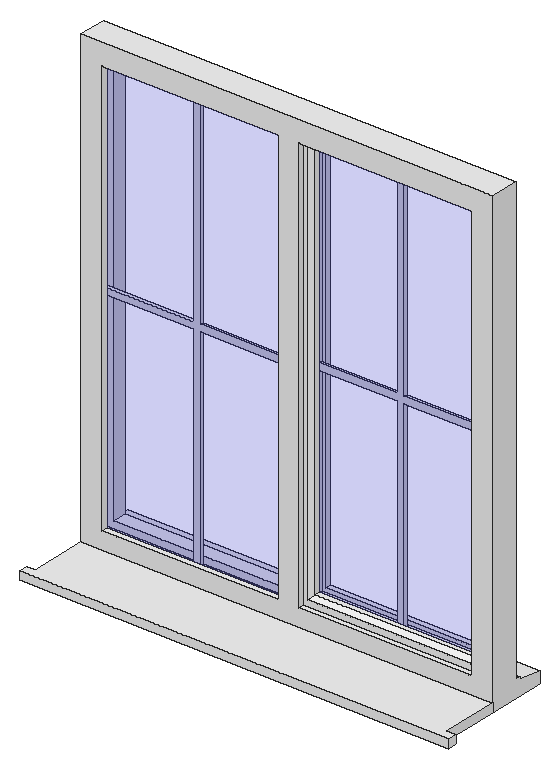
Revit family
Parameters
  Wrap Layers (Ext) from Ext = 102.5 mm
  Wrap Layers (Int) from Ext = 177.5 mm
  Window Board Projection = 25.0 mm
  Window Board Extension = 25.0 mm
  Vis - Glazing Bars = yes
  Vis - Cavity Closers = yes
  Rough Width = Width  # 1200.0 mm
  Rough Height = Height  # 1350.0 mm
  Operation = "DoublePanelVertical"
  Material Trim = Window Frame
  Material Glazing Bars = Window Frame
  Material Glass = Glass
  Material Frame = Window Frame
  Manufacturer = "Revit"
  Keynote = "L10"
  Height = 1350.0 mm
  Wall Closure = (empty or 0)
  Width = 1200.0 mm
  Glazing Thickness = 24.0 mm
  Glazing Bar Thickness = 20.0 mm
  FrameOffset - External = 50.0 mm
  Frame Depth = 65.0 mm
  Default Head Height = 2110.0 mm
  Cill Depth = 87.5 mm
  Cavity Closer Width = 50.0 mm
  Cavity Closer Offset from Ext = 102.5 mm
  Cavity Closer Depth = 75.0 mm
Reference planes
  plane 1: y = 0
  plane 2 "Center (Left/Right)": x = -285
  plane 3 "Left": x = -885
  plane 4 "Right": x = 315
  plane 5 "Cill": z = 760
  plane 6 "Head": z = 2110
  plane 7 "Exterior": y = 158.457
  plane 8 "Interior": y = -141.543
  plane 9 "Back of Window": y = 43.457
  plane 10 "Wall Closure": y = 55.957
  plane 11 "Front Window Board": y = -166.543
  plane 12 "RHS Window Board": x = 340
  plane 13 "LHS Window Board": x = -910
  plane 14 "Ext Leaf Back": y = 55.957
  plane 15 "Face Window": y = 108.457
  plane 16: x = -285
  plane 17: x = -567.5
  plane 18: x = 2.5
  plane 19: z = 1446.5
  plane 20: x = -310
  plane 21: x = -825
  plane 22: x = -240
  plane 23: x = 245
  plane 24 "Front Glass": y = 96.457
  plane 25: y = -19.043
  plane 26: z = 2070
  plane 27: z = 823
Forms (mm)
  Extrusion 1, solid, material "Window Frame" <- "Material Trim", detail levels medium+fine
    sketch origin (0, 0, 760) x (0, -1, 0) y (-1, 0, 0)
      loop
        line (141.543, 910) -> (141.543, 885) -> (-25.457, 885) -> (-25.457, -315) -> (141.543, -315) -> (141.543, -340) -> (166.543, -340) -> (166.543, 910) -> (141.543, 910)
    from 0 to -25
  Extrusion 2, solid, material "Window Frame" <- "Material Frame"
    sketch origin (-285, 0, 0) x (0, 1, 0) y (0, 0, 1)
      loop
        line (25.457, 760) -> (195.957, 760) -> (195.957, 793.809) -> (123.457, 804.745) -> (123.457, 809.688) -> (108.457, 811) -> (108.457, 823) -> (43.457, 823) -> (43.457, 835) -> (25.457, 835) -> (25.457, 760)
    from 600 to -600
  Sweep 3, solid, material "Window Frame" <- "Material Frame"
    path origin (0, 43.457, 0) x (1, 0, 0) y (0, 0, 1)
      loop
        line (-885, 823) -> (-885, 2110) -> (315, 2110) -> (315, 823)
    profile origin (0, 0, 1466.5) x (-1, 0, 0) y (0, -1, 0)
      loop
        line (885, -25.457) -> (825, -25.457) -> (825, -43.457) -> (845, -43.457) -> (845, -108.457) -> (885, -108.457) -> (885, -25.457)
  Sweep 4, solid, material "Window Frame" <- "Material Frame"
    path origin (0, 108.457, 0) x (1, 0, 0) y (0, 0, 1)
      loop
        line (275, 2070) -> (-270, 2070) -> (-270, 823) -> (275, 823) -> (275, 2070)
    profile "Casement : Casement" origin (-270, 108.457, 1446.5) x (1, 0, 0) y (0, -1, 0)
      loop
        line (-10, 0) -> (-10, -5.774) -> (0.785, -11.547) -> (22.554, -11.547) -> (40, -5.774) -> (40, 12) -> (30, 12) -> (30, 36) -> (40, 36) -> (40, 50.507) -> (29.852, 65) -> (0, 65) -> (0, 0) -> (-10, 0)
  Extrusion 5, solid, material "Window Frame" <- "Material Frame"
    sketch origin (0, 0, 760) x (0, -1, 0) y (-1, 0, 0)
      loop
        line (-25.457, 310) -> (-43.457, 310) -> (-43.457, 300) -> (-67.457, 300) -> (-67.457, 310) -> (-108.457, 310) -> (-108.457, 270) -> (-43.457, 270) -> (-43.457, 252) -> (-25.457, 252) -> (-25.457, 310)
    from -63 to -1310
  Sweep 6, solid, material "Window Frame" <- "Material Frame"
    path origin (-300, 67.457, 823) x (0, 0, 1) y (-1, 0, 0)
      loop
        line (1247, 10) -> (1247, 545) -> (0, 545) -> (0, 10)
    profile origin (0, 0, 1446.5) x (0, -1, 0) y (1, 0, 0)
      loop
        line (-67.457, -845) -> (-67.457, -825) -> (-108.457, -825) -> (-108.457, -845) -> (-67.457, -845)
  Extrusion 7, solid, material "Window Frame" <- "Material Glazing Bars", visible <- "Vis - Glazing Bars"
    sketch origin (-310, 67.457, 2070) x (-1, 0, 0) y (0, 0, -1)
      loop
        line (247.5, 1247) -> (247.5, 633.5) -> (-10, 633.5) -> (-10, 613.5) -> (247.5, 613.5) -> (247.5, 0) -> (267.5, 0) -> (267.5, 613.5) -> (535, 613.5) -> (535, 633.5) -> (267.5, 633.5) -> (267.5, 1247) -> (247.5, 1247)
    from 8 to 16
  Extrusion 8, solid, material "Window Frame" <- "Material Glazing Bars", visible <- "Vis - Glazing Bars"
    sketch origin (245, 96.457, 2040) x (-1, 0, 0) y (0, 0, -1)
      loop
        line (232.5, 1187) -> (232.5, 603.5) -> (0, 603.5) -> (0, 583.5) -> (232.5, 583.5) -> (232.5, 0) -> (252.5, 0) -> (252.5, 583.5) -> (485, 583.5) -> (485, 603.5) -> (252.5, 603.5) -> (252.5, 1187) -> (232.5, 1187)
    from 8 to 16
  Extrusion 9, solid, material "Glass" <- "Material Glass"
    sketch origin (-845, 43.457, 823) x (0, 0, 1) y (1, 0, 0)
      loop
        line (1247, 545) -> (0, 545) -> (0, 0) -> (1247, 0) -> (1247, 545)
    from 0 to 24 <- "Glazing Thickness"
  Extrusion 10, solid, material "Glass" <- "Material Glass"
    sketch origin (0, 96.457, 0) x (1, 0, 0) y (0, 0, 1)
      loop
        line (245.148, 2040.148) -> (-240, 2040.148) -> (-240, 853) -> (245.148, 853) -> (245.148, 2040.148)
    from 0 to 24 <- "Glazing Thickness"
Cuts and joins
  joined: Extrusion 2, Sweep 3, Extrusion 5
Lines and regions (mm)
  Opening 1
    outline origin (-5000, -141.543, 0) x (1, 0, 0) y (0, 0, 1)
      loop
        line (5315, 2110) -> (4115, 2110) -> (4115, 760) -> (5315, 760) -> (5315, 2110)
  Masking region 1
    outline origin (0, 0, 760) x (0, -1, 0) y (1, 0, 0)
      loop
        line (-25.457, -885) -> (-25.457, 315) -> (-195.957, 315) -> (-195.957, -885) -> (-25.457, -885)
  symbolic lines, style "WindowsFrameMullionProjection"
    curve 1: line (-885, 25.457, 0) -> (315, 25.457, 0)
    curve 3: line (315, 108.457, 0) -> (-885, 108.457, 0)
    curve 5: line (-825, 25.457, 0) -> (-825, 108.457, 0)
    curve 6: line (255, 25.457, 0) -> (255, 108.457, 0)
    curve 7: line (-825, 66.957, 0) -> (-310, 66.957, 0)
    curve 22: line (-260, 66.957, 0) -> (255, 66.957, 0)
    curve 23: line (-260, 25.457, 0) -> (-260, 108.457, 0)
    curve 24: line (-310, 25.457, 0) -> (-310, 108.457, 0)
  symbolic lines, style "Elevation Swing"
    curve 2: line (-885, 108.457, 0) -> (-885, 25.457, 0)
    curve 4: line (315, 25.457, 0) -> (315, 108.457, 0)
    curve 20: line (-230, 0, 2030) -> (235, 0, 1446.5)
    curve 21: line (-230, 0, 863) -> (235, 0, 1446.5)
  symbolic lines, style "Cavity Closer", visible <- "Vis - Cavity Closers", detail levels medium+fine
    curve 8: line (-885, 55.957, 0) -> (-935, 55.957, 0)
    curve 9: line (-885, -19.043, 0) -> (-885, 55.957, 0)
    curve 10: line (-935, -19.043, 0) -> (-885, -19.043, 0)
    curve 11: line (-935, 55.957, 0) -> (-935, -19.043, 0)
    curve 12: line (-885, -19.043, 0) -> (-935, 55.957, 0)
    curve 13: line (-935, -19.043, 0) -> (-885, 55.957, 0)
    curve 14: line (315, 55.957, 0) -> (365, 55.957, 0)
    curve 15: line (315, -19.043, 0) -> (315, 55.957, 0)
    curve 16: line (365, -19.043, 0) -> (315, -19.043, 0)
    curve 17: line (365, 55.957, 0) -> (365, -19.043, 0)
    curve 18: line (315, -19.043, 0) -> (365, 55.957, 0)
    curve 19: line (365, -19.043, 0) -> (315, 55.957, 0)
  symbolic lines, style "Glazing Bars", visible <- "Vis - Glazing Bars", detail levels coarse
    curve 25: line (2.5, 0, 863) -> (2.5, 0, 2030)
    curve 26: line (-230, 0, 1446.5) -> (235, 0, 1446.5)
    curve 27: line (-310, 0, 1446.5) -> (-825, 0, 1446.5)
    curve 28: line (-567.5, 0, 843) -> (-567.5, 0, 2050)
  symbolic lines, style "Glazing Bars", visible <- "Vis - Glazing Bars", detail levels medium+fine
    curve 29: line (12.5, 0, 1456.5) -> (235, 0, 1456.5)
    curve 30: line (12.5, 0, 2030) -> (12.5, 0, 1456.5)
    curve 31: line (-7.5, 0, 1456.5) -> (-7.5, 0, 2030)
    curve 32: line (-230, 0, 1456.5) -> (-7.5, 0, 1456.5)
    curve 33: line (235, 0, 1436.5) -> (12.5, 0, 1436.5)
    curve 34: line (-7.5, 0, 1436.5) -> (-230, 0, 1436.5)
    curve 35: line (12.5, 0, 1436.5) -> (12.5, 0, 863)
    curve 36: line (-7.5, 0, 863) -> (-7.5, 0, 1436.5)
    curve 37: line (-557.5, 0, 1456.5) -> (-310, 0, 1456.5)
    curve 38: line (-310, 0, 1436.5) -> (-557.5, 0, 1436.5)
    curve 39: line (-825, 0, 1456.5) -> (-577.5, 0, 1456.5)
    curve 40: line (-577.5, 0, 1436.5) -> (-825, 0, 1436.5)
    curve 41: line (-557.5, 0, 2050) -> (-557.5, 0, 1456.5)
    curve 42: line (-577.5, 0, 1456.5) -> (-577.5, 0, 2050)
    curve 43: line (-557.5, 0, 1436.5) -> (-557.5, 0, 843)
    curve 44: line (-577.5, 0, 843) -> (-577.5, 0, 1436.5)
  symbolic lines, style "WindowsSillHeadProjection"
    curve 45: line (-885, 195.957, 0) -> (-885, 159.707, 0)
    curve 46: line (315, 195.957, 0) -> (-885, 195.957, 0)
    curve 47: line (315, 159.707, 0) -> (315, 195.957, 0)
Text (mm)
  text "EXTERIOR" at (-1415.209, 454.062, 0), in view "Ref. Level"
  text "INTERIOR" at (-1415.209, -367.981, 0), in view "Ref. Level"
  text "Exterior" at (0, 923.751, 2943.296), in view "Right"
  text "Exterior" at (0, 1040.484, 2685.409), in view "Left"
Dimensions and locks
  equal spacing: plane 3 "Left", plane 2 "Center (Left/Right)", plane 4 "Right"
  "Width": plane 3 "Left" to plane 4 "Right"
  "Height": plane 5 "Cill" to plane 6 "Head"
  "Default Head Height": plane 6 "Head" to level
  locked: plane 7 "Exterior" to host wall at 0
  locked: plane 8 "Interior" to host wall
  "Window Board Projection": plane 11 "Front Window Board" to plane 8 "Interior"
  "Window Board Extension": plane 13 "LHS Window Board" to plane 3 "Left"
  "Window Board Extension": plane 4 "Right" to plane 12 "RHS Window Board"
  "Cavity Closer Offset from Ext": plane 14 "Ext Leaf Back" to plane 7 "Exterior"
  "Frame Depth": plane 9 "Back of Window" to plane 15 "Face Window"
  "FrameOffset - External": plane 15 "Face Window" to plane 7 "Exterior"
  locked: Extrusion 2 sketch curve to Extrusion 2 sketch curve at 18
  Extrusion 2 sketch curve to Extrusion 2 sketch curve = 12.0 mm
  plane 15 "Face Window" to Extrusion 2 sketch curve = 15.0 mm
  equal spacing: curve 3, curve 7, curve 1
  "Cavity Closer Depth": curve 8 to curve 10
  "Cavity Closer Width": curve 11 to plane 3 "Left"
  "Cavity Closer Depth": curve 14 to curve 16
  "Cavity Closer Width": plane 4 "Right" to curve 17
  equal spacing: Extrusion 5 sketch curve, plane 16, Extrusion 5 sketch curve
  Extrusion 5 sketch curve to Extrusion 5 sketch curve = 10.0 mm
  Extrusion 5 sketch curve to Extrusion 5 sketch curve = 18.0 mm  (x2)
  "Glazing Thickness": Extrusion 5 sketch curve to Extrusion 5 sketch curve
  equal spacing: Sweep 4, curve 21, Sweep 4
  "Glazing Bar Thickness": Extrusion 8 sketch curve to Extrusion 8 sketch curve  (x2)
  equal spacing: Extrusion 8 sketch curve, plane 18, Extrusion 8 sketch curve
  equal spacing: Extrusion 7 sketch curve, plane 19, Extrusion 7 sketch curve
  "Glazing Bar Thickness": Extrusion 7 sketch curve to Extrusion 7 sketch curve  (x2)
  equal spacing: Extrusion 7 sketch curve, plane 17, Extrusion 7 sketch curve
  locked: plane 3 "Left" to plane 21 at 60
  locked: plane 20 to plane 2 "Center (Left/Right)" at 25
  equal spacing: plane 21, plane 17, plane 20
  locked: plane 2 "Center (Left/Right)" to plane 22 at 45
  locked: plane 23 to plane 4 "Right" at 70
  equal spacing: plane 22, plane 18, plane 23
  equal spacing: Sweep 4, Extrusion 8, Extrusion 8, Sweep 4
  equal spacing: Sweep 6, Extrusion 7, Extrusion 7, cut or joined group of Extrusion 2, Sweep 3, Extrusion 5
  "Glazing Thickness": Sweep 6 sketch curve to cut or joined group of Extrusion 2, Sweep 3, Extrusion 5
  "Wrap Layers (Ext) from Ext": plane 10 "Wall Closure" to plane 7 "Exterior"
  "Wrap Layers (Int) from Ext": plane 25 to plane 7 "Exterior"
  locked: plane 5 "Cill" to Extrusion 2 sketch curve at 63
  locked: plane 3 "Left" to Sweep 3 sketch curve at 40
  locked: Sweep 3 sketch curve to Sweep 3 sketch curve at 20
  locked: plane 5 "Cill" to plane 27 at 63
  locked: plane 26 to plane 6 "Head" at 40
  equal spacing: plane 27, plane 19, plane 26
  equal spacing: Extrusion 8 sketch curve, plane 19, Extrusion 8 sketch curve
  aligned and locked: plane 3 "Left" to Extrusion 1 sketch curve
  aligned and locked: Extrusion 1 sketch curve to plane 8 "Interior"  (x2)
  aligned and locked: Extrusion 1 sketch curve to plane 12 "RHS Window Board"
  aligned and locked: Extrusion 1 to plane 11 "Front Window Board"
  aligned and locked: plane 13 "LHS Window Board" to Extrusion 1 sketch curve
  aligned and locked: plane 9 "Back of Window" to Extrusion 2 sketch curve
  aligned and locked: plane 15 "Face Window" to Extrusion 2 sketch curve
  aligned and locked: Extrusion 2 sketch curve to plane 5 "Cill"
  aligned and locked: plane 3 "Left" to Extrusion 2
  aligned and locked: Extrusion 2 to plane 4 "Right"
  aligned and locked: plane 15 "Face Window" to Sweep 3 sketch curve
  aligned and locked: Extrusion 1 to Extrusion 2
  aligned and locked: Sweep 3 to curve 5
  aligned and locked: curve 6 to Sweep 3
  aligned and locked: plane 3 "Left" to nested 1
  aligned and locked: curve 9 to plane 3 "Left"
  aligned and locked: plane 4 "Right" to nested 2
  aligned and locked: curve 15 to plane 4 "Right"
  aligned and locked: Extrusion 5 sketch curve to Extrusion 5 sketch curve  (x2)
  aligned and locked: Extrusion 5 sketch curve to plane 15 "Face Window"
  aligned and locked: plane 9 "Back of Window" to Extrusion 5 sketch curve
  aligned and locked: Extrusion 5 to Extrusion 2
  aligned and locked: plane 16 to plane 2 "Center (Left/Right)"
  aligned and locked: Extrusion 5 to Sweep 4 sketch curve
  aligned and locked: Sweep 3 to Sweep 6 sketch curve
  aligned and locked: Extrusion 2 to Sweep 6 sketch curve
  aligned and locked: curve 1 to Extrusion 2
  aligned and locked: Sweep 3 to curve 3
  aligned and locked: curve 7 to curve 22
  aligned and locked: Extrusion 7 sketch curve to Extrusion 7 sketch curve  (x4)
  aligned and locked: Extrusion 8 sketch curve to Extrusion 8 sketch curve  (x4)
  aligned and locked: Extrusion 8 to Sweep 4  (x4)
  aligned and locked: curve 25 to plane 18
  aligned and locked: plane 19 to curve 27
  aligned and locked: curve 28 to plane 17
  aligned and locked: Extrusion 8 to curve 30
  aligned and locked: curve 31 to Extrusion 8
  aligned and locked: Extrusion 8 to curve 35
  aligned and locked: Extrusion 8 to curve 36
  aligned and locked: curve 37 to Extrusion 7
  aligned and locked: Extrusion 7 to curve 38
  aligned and locked: Extrusion 7 to curve 39
  aligned and locked: curve 40 to Extrusion 7
  aligned and locked: Extrusion 7 to curve 41
  aligned and locked: curve 42 to Extrusion 7
  aligned and locked: curve 43 to Extrusion 7
  aligned and locked: Extrusion 7 to curve 44
  aligned and locked: curve 45 to cut or joined group of Extrusion 2, Sweep 3, Extrusion 5
  aligned and locked: curve 46 to cut or joined group of Extrusion 2, Sweep 3, Extrusion 5
  aligned and locked: cut or joined group of Extrusion 2, Sweep 3, Extrusion 5 to curve 47
  aligned and locked: Sweep 4 to plane 24 "Front Glass"
  aligned and locked: plane 3 "Left" to Sweep 3 sketch curve  (x2)
  aligned and locked: plane 6 "Head" to Sweep 3 sketch curve
  aligned and locked: cut or joined group of Extrusion 2, Sweep 3, Extrusion 5 to cut or joined group of Extrusion 2, Sweep 3, Extrusion 5
  aligned and locked: Sweep 6 to curve 41
  aligned and locked: Sweep 6 to curve 42
  aligned and locked: nested 2 to plane 14 "Ext Leaf Back"
  aligned and locked: plane 14 "Ext Leaf Back" to curve 14
  aligned and locked: nested 1 to plane 14 "Ext Leaf Back"
  aligned and locked: plane 14 "Ext Leaf Back" to curve 8
  aligned and locked: curve 28 to Sweep 6
  aligned and locked: Sweep 6 to curve 27
  aligned and locked: Sweep 6 to curve 28
  aligned and locked: curve 27 to cut or joined group of Extrusion 2, Sweep 3, Extrusion 5
  aligned and locked: plane 3 "Left" to Masking region 1 sketch curve
  aligned and locked: plane 4 "Right" to Masking region 1 sketch curve
  aligned and locked: Masking region 1 sketch curve to cut or joined group of Extrusion 2, Sweep 3, Extrusion 5
  aligned and locked: Masking region 1 sketch curve to Extrusion 1
Automatic sketch dimensions
  Extrusion 1 sketch curve to plane 4 "Right" = 0.0 mm
  plane 9 "Back of Window" to Extrusion 1 sketch curve = 18.0 mm
  Extrusion 1 sketch curve to plane 11 "Front Window Board" = 0.0 mm
  Extrusion 2 sketch curve to Extrusion 2 sketch curve = 33.809 mm
  Extrusion 2 sketch curve to Extrusion 2 sketch curve = 15.879 mm
  Extrusion 2 sketch curve to Extrusion 2 sketch curve = 4.943 mm
  Extrusion 2 sketch curve to Extrusion 2 sketch curve = 12.0 mm
  Sweep 3 sketch curve to plane 4 "Right" = 0.0 mm
  Sweep 3 sketch curve to plane 5 "Cill" = 63.0 mm  (x2)
  plane 9 "Back of Window" to Sweep 3 sketch curve = 18.0 mm
  Sweep 3 sketch curve to plane 9 "Back of Window" = 0.0 mm
  Extrusion 5 sketch curve to plane 2 "Center (Left/Right)" = 25.0 mm
  plane 6 "Head" to Sweep 4 sketch curve = 40.0 mm
  plane 4 "Right" to Sweep 4 sketch curve = 40.0 mm
  Sweep 4 sketch curve to plane 5 "Cill" = 63.0 mm
  Sweep 6 sketch curve to plane 5 "Cill" = 63.0 mm
  plane 6 "Head" to Sweep 6 sketch curve = 40.0 mm
  Sweep 6 sketch curve to plane 2 "Center (Left/Right)" = 25.0 mm  (x2)
  Sweep 6 sketch curve to plane 3 "Left" = 40.0 mm
  Sweep 6 sketch curve to profile plane = 0.0 mm
  Extrusion 7 sketch curve to plane 2 "Center (Left/Right)" = 15.0 mm
  Extrusion 7 sketch curve to plane 3 "Left" = 40.0 mm
  plane 6 "Head" to Extrusion 7 sketch curve = 40.0 mm
  Extrusion 7 sketch curve to plane 5 "Cill" = 63.0 mm
  curve 3 to plane 3 "Left" = 0.0 mm
  curve 4 to plane 4 "Right" = 0.0 mm
  curve 24 to plane 2 "Center (Left/Right)" = 25.0 mm
  plane 2 "Center (Left/Right)" to curve 23 = 25.0 mm
  host wall to curve 45 = 1.25 mm
  host wall to curve 47 = 1.25 mm
  plane 20 to Extrusion 9 sketch curve = 10.0 mm
  Extrusion 9 sketch curve to plane 5 "Cill" = 63.0 mm
  plane 6 "Head" to Extrusion 9 sketch curve = 40.0 mm
  Extrusion 9 sketch curve to plane 21 = 20.0 mm
  Extrusion 10 sketch curve to plane 22 = 0.0 mm
  plane 23 to Extrusion 10 sketch curve = 0.148 mm
  Extrusion 10 sketch curve to plane 5 "Cill" = 93.0 mm
  plane 6 "Head" to Extrusion 10 sketch curve = 69.852 mm
  Opening 1 sketch curve to plane 3 "Left" = 0.0 mm
  Opening 1 sketch curve to plane 4 "Right" = 0.0 mm
  Opening 1 sketch curve to plane 5 "Cill" = 0.0 mm
  Opening 1 sketch curve to plane 6 "Head" = 0.0 mm
  Extrusion 8 sketch curve to Sweep 4 = 0.0 mm  (x4)
  curve 40 to plane 21 = 0.0 mm
  curve 39 to plane 21 = 0.0 mm
  curve 37 to plane 20 = 0.0 mm
  curve 38 to plane 20 = 0.0 mm
  plane 26 to curve 30 = 40.0 mm
  curve 25 to curve 30 = 0.0 mm
  curve 31 to curve 25 = 0.0 mm
  plane 22 to curve 20 = 10.0 mm
  plane 26 to curve 20 = 40.0 mm
  curve 32 to plane 19 = 10.0 mm
  curve 29 to plane 19 = 10.0 mm
  plane 19 to curve 35 = 10.0 mm
  curve 26 to curve 34 = 10.0 mm
  curve 35 to plane 27 = 40.0 mm
  curve 25 to curve 35 = 0.0 mm
  plane 22 to curve 21 = 10.0 mm
  curve 21 to plane 27 = 40.0 mm
  curve 36 to curve 25 = 0.0 mm
  curve 44 to curve 28 = 0.0 mm
  curve 43 to curve 28 = 0.0 mm
  plane 22 to curve 26 = 10.0 mm
  plane 22 to curve 34 = 10.0 mm
  plane 22 to curve 32 = 10.0 mm
  curve 33 to plane 23 = 10.0 mm
  curve 21 to plane 23 = 10.0 mm
  curve 29 to plane 23 = 10.0 mm
  host wall to Extrusion 2 sketch curve = 37.5 mm
Nested families
  nested 1: "Cavity Closer" at (-935, 55.957, 0), visible <- "Vis - Cavity Closers", type "Cavity Closer", detail levels medium+fine
  nested 2: "Cavity Closer" at (365, 55.957, 0) x (-1, 0, 0) z (0, 0, 1), visible <- "Vis - Cavity Closers", type "Cavity Closer", detail levels medium+fine
Definition of nested family "Cavity Closer"
  Parameters
    Closer Width = 50.0 mm
    Closer Depth = 75.0 mm
  Reference planes
    plane 1 "Center (Front/Back)": y = 0
    plane 2: z = 0
    plane 3 "Center (Left/Right)": x = 0
    plane 4: x = 50, in view "Ref. Level"
    plane 5: y = -75, in view "Ref. Level"
  Lines and regions (mm)
    Masking region 1, in view "Ref. Level"
      outline origin (0, 0, 0) x (1, 0, 0) y (0, 1, 0)
        loop
          line (0, 0) -> (0, -75) -> (50, -75) -> (50, 0) -> (0, 0)
  Dimensions and locks
    "Closer Width": plane 3 "Center (Left/Right)" to plane 4
    "Closer Depth": plane 5 to plane 1 "Center (Front/Back)"
  Automatic sketch dimensions
    Masking region 1 sketch curve to plane 3 "Center (Left/Right)" = 0.0 mm
    Masking region 1 sketch curve to plane 4 = 0.0 mm
    Masking region 1 sketch curve to plane 5 = 0.0 mm
    Masking region 1 sketch curve to plane 1 "Center (Front/Back)" = 0.0 mm
